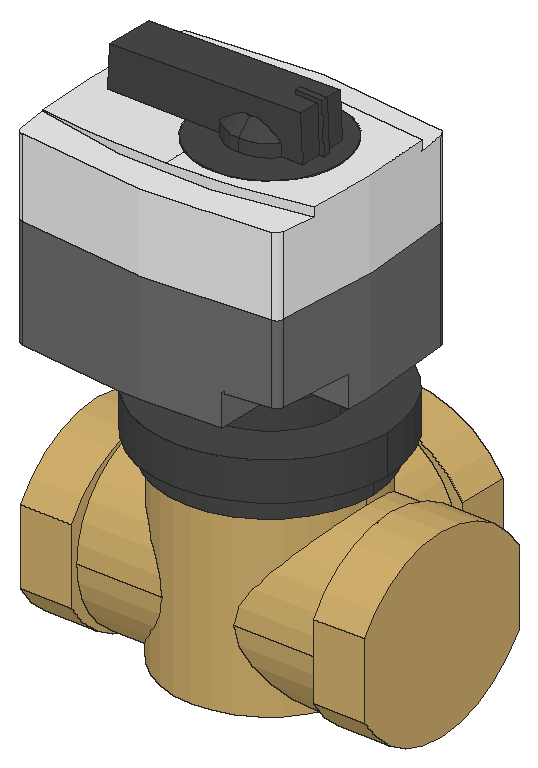
Revit family "HRB3_DN15-50_AMB 162(182)_RFA", category Pipe Accessories, Revit 2019
Family settings
  Round Connector Dimension = Use Diameter
  Part Type = Valve - Breaks Into
  OmniClass Number = 23.65.55.14.17
  OmniClass Title = Adjusting/Controlling Valves for Liquid Services
  Work Plane-Based = No
  Always vertical = Yes
  Cut with Voids When Loaded = No
  Shared = No
Parameters (values of type "HRB3_DN50_Kvs40_065Z0410")
  connector length = 18.4 mm
  horizontal body diameter = 66 mm
  h2 = 29 mm
  h1 = 37 mm
  diameter3 = 71 mm
  diameter2 = 75.9 mm
  diameter1 = 86 mm
  connector width = 70 mm
  connector radius = 41 mm
  connector height = 27.5 mm
  Weight = 2.50 kg
  W = 105.5 mm
  Voltage = if(or(Actuator Type = [082H0273], Actuator Type = [082H0228], Actuator Type = [082H0225], Actuator Type = [082H0226], Actuator Type = [082H0229], Actuator Type = [082H0227], Actuator Type = [082H0277], Actuator Type = [082H0240], Actuator Type = [082H0239], Actuator Type = [082H0232]), 230 V, 24 V)  # 24 V
  Valve Body Material = Danfoss Brass (DZR)
  URL = "https://store.danfoss.com/en/Climate-Solutions-for-heating/Motorised-Control-Valves-/Rotary-Valves/Valves-for-Central-Heating/c/4115?q=%3Arelevance%3Adanfoss_producttypehierarchydesc%3A0dcb08faaeb01fe8f0bb2b25db489dfa92a29260&page=0&pageSize=20"
  Pressure Drop [instance] = 0.0 Pa
  Power = if(or(Actuator Type = [082H0277], Actuator Type = [082H0276], Actuator Type = [082H0240], Actuator Type = [082H0239], Actuator Type = [082H0232], Actuator Type = [082H0236], Actuator Type = [082H0235], Actuator Type = [082H0231], Actuator Type = [082H0241]), 3.5 VA, 2.5 VA)  # 2.5 VA
  Operating Torque = "5 Nm"  # constant formula
  Nominal Pressure = "PN 10"  # constant formula
  Model Type = "HRB3_DN50_Kvs40"
  Model = "065Z0410"
  Min Medium Temperature = "2°C"  # constant formula
  Max Medium Temperature = "110 °C"  # constant formula
  Manufacturer = "Danfoss"  # constant formula
  LOD 350 = not(LOD 200)  # yes
  LOD 200 = no
  L = 125 mm
  Kvs = 40.0 m³/h
  IfcExportType = "HRB3"  # constant formula
  IfcExportAs = "IfcValveType"  # constant formula
  Hb = 35 mm
  Ha = 159.685 mm
  H = Ha + Hb  # 194.685 mm
  Flow [instance] = 0.0 m³/h
  Description = "Motorized Control Valve"  # constant formula
  D = 50 mm
  Connection = "Internal Thread"  # constant formula
  Actuator Type = AMB 162(182)_RFA : AMB 162_3-point_24V_30s/°_082H0211_082H0216
  A = 62.5 mm
  082H0277 = AMB 162(182)_RFA : AMB 182_2-point_230V_60s/°_082H0275_082H0277
  082H0276 = AMB 162(182)_RFA : AMB 182_2-point_24V_60s/°_082H0274_082H0276
  082H0273 = AMB 162(182)_RFA : AMB 162_2-point_230V_15s/°_082H0271_082H0273
  082H0241 = AMB 162(182)_RFA : AMB 182_Modulating_24V_60/90/120s/°_082H0241
  082H0240 = AMB 162(182)_RFA : AMB 182_3-point_230V_240s/°_082H0238_082H0240
  082H0239 = AMB 162(182)_RFA : AMB 182_3-point_230V_60s/°_082H0237_082H0239
  082H0236 = AMB 162(182)_RFA : AMB 182_3-point_24V_240s/°_082H0234_082H0236
  082H0235 = AMB 162(182)_RFA : AMB 182_3-point_24V_60s/°_082H0233_082H0235
  082H0232 = AMB 162(182)_RFA : AMB 182_3-point_230V_60s/°_10Nm_082H0232
  082H0231 = AMB 162(182)_RFA : AMB 182_3-point_24V_60s/°_10Nm_082H0231
  082H0229 = AMB 162(182)_RFA : AMB 162_3-point_230V_480s/°_082H0224_082H0229
  082H0228 = AMB 162(182)_RFA : AMB 162_3-point_230V_120s/°_082H0223_082H0228
  082H0227 = AMB 162(182)_RFA : AMB 162_3-point_230V_60s/°_082H0222_082H0227
  082H0226 = AMB 162(182)_RFA : AMB 162_3-point_230V_30s/°_082H0221_082H0226
  082H0225 = AMB 162(182)_RFA : AMB 162_3-point_230V_15s/°_082H0220_082H0225
Types (15, lengths in mm): name | connector length | horizontal body diameter | h2 | h1 | diameter3 | diameter2 | diameter1 | connector width | connector radius | connector height | Weight | W | Model Type | Model | L | Kvs | Hb | Ha | H | D | A
  (no name) | 18.4 | 66 | 29 | 37 | 71 | 75.9 | 86 | 70 | 41 | 27.5 | 2.50 kg | 105.5 | "HRB3_DN50_Kvs40" | "065Z0410" | 125 | 40.0 m³/h | 35 | 159.685 | 194.685 | 50 | 62.5
  HRB3_DN15_Kvs0.4_065Z0399 | 9 | 25.5 | 17.5 | 22.5 | 36 | 40.7 | 50 | 28 | 16 | 12.2 | 0.55 kg | 61 | "HRB3_DN15_Kvs0.4" | "065Z0399" | 72 | 0.4 m³/h | 17.5 | 145.2 | 162.7 | 15 | 36
  HRB3_DN15_Kvs0.63_065Z0400 | 9 | 25.5 | 17.5 | 22.5 | 36 | 40.7 | 50 | 28 | 16 | 12.2 | 0.55 kg | 61 | "HRB3_DN15_Kvs0.63" | "065Z0400" | 72 | 0.63 m³/h | 17.5 | 145.2 | 162.7 | 15 | 36
  HRB3_DN15_Kvs1.0_065Z0401 | 9 | 25.5 | 17.5 | 22.5 | 36 | 40.7 | 50 | 28 | 16 | 12.2 | 0.55 kg | 61 | "HRB3_DN15_Kvs1.0" | "065Z0401" | 72 | 1.0 m³/h | 17.5 | 145.2 | 162.7 | 15 | 36
  HRB3_DN15_Kvs1.63_065Z0402 | 9 | 25.5 | 17.5 | 22.5 | 36 | 40.7 | 50 | 28 | 16 | 12.2 | 0.55 kg | 61 | "HRB3_DN15_Kvs1.63" | "065Z0402" | 72 | 1.63 m³/h | 17.5 | 145.2 | 162.7 | 15 | 36
  HRB3_DN15_Kvs2.5_065Z0403 | 9 | 25.5 | 17.5 | 22.5 | 36 | 40.7 | 50 | 28 | 16 | 12.2 | 0.55 kg | 61 | "HRB3_DN15_Kvs2.5" | "065Z0403" | 72 | 2.5 m³/h | 17.5 | 145.2 | 162.7 | 15 | 36
  HRB3_DN15_Kvs4.0_065Z0398 | 9 | 25.5 | 17.5 | 22.5 | 36 | 40.7 | 50 | 28 | 16 | 12.2 | 0.55 kg | 61 | "HRB3_DN15_Kvs4.0" | "065Z0398" | 72 | 4.0 m³/h | 17.5 | 145.2 | 162.7 | 15 | 36
  HRB3_DN20_Kvs2.5_065Z0397 | 10 | 32 | 17.5 | 22.5 | 36 | 40.7 | 50 | 34 | 20 | 14.8 | 0.58 kg | 61 | "HRB3_DN20_Kvs2.5" | "065Z0397" | 72 | 2.5 m³/h | 17.5 | 145.2 | 162.7 | 20 | 36
  HRB3_DN20_Kvs4.0_065Z0404 | 10 | 32 | 17.5 | 22.5 | 36 | 40.7 | 50 | 34 | 20 | 14.8 | 0.58 kg | 61 | "HRB3_DN20_Kvs4.0" | "065Z0404" | 72 | 4.0 m³/h | 17.5 | 145.2 | 162.7 | 20 | 36
  HRB3_DN20_Kvs6.3_065Z0405 | 10 | 32 | 17.5 | 22.5 | 36 | 40.7 | 50 | 34 | 20 | 14.8 | 0.58 kg | 61 | "HRB3_DN20_Kvs6.3" | "065Z0405" | 72 | 6.3 m³/h | 17.5 | 145.2 | 162.7 | 20 | 36
  HRB3_DN25_Kvs6.3_065Z0406 | 12 | 40 | 19 | 26 | 45 | 49.7 | 60 | 42 | 24.3 | 18.2 | 0.92 kg | 71 | "HRB3_DN25_Kvs6.3" | "065Z0406" | 82 | 6.3 m³/h | 21.2 | 148.7 | 169.9 | 25 | 41
  HRB3_DN25_Kvs10_065Z0407 | 12 | 40 | 19 | 26 | 45 | 49.7 | 60 | 42 | 24.3 | 18.2 | 0.92 kg | 71 | "HRB3_DN25_Kvs10" | "065Z0407" | 82 | 10.0 m³/h | 21.173 | 148.685 | 169.858 | 25 | 41
  HRB3_DN32_Kvs16_065Z0408 | 14.4 | 48 | 24 | 31 | 51 | 55.8 | 66 | 50 | 28 | 18.2 | 1.20 kg | 80 | "HRB3_DN32_Kvs16" | "065Z0408" | 94 | 16.0 m³/h | 25 | 153.685 | 178.685 | 32 | 47
  HRB3_DN40_Kvs25_065Z0409 | 18.4 | 53 | 25 | 31 | 58 | 62.8 | 73 | 55 | 32 | 21.82 | 1.50 kg | 94.5 | "HRB3_DN40_Kvs25" | "065Z0409" | 116 | 25.0 m³/h | 27.5 | 153.685 | 181.185 | 40 | 58
  HRB3_DN50_Kvs40_065Z0410 | 18.4 | 66 | 29 | 37 | 71 | 75.9 | 86 | 70 | 41 | 27.5 | 2.50 kg | 105.5 | "HRB3_DN50_Kvs40" | "065Z0410" | 125 | 40.0 m³/h | 35 | 159.685 | 194.685 | 50 | 62.5
Reference planes
  plane 1 "Center (Front/Back)": y = 0
  plane 2: z = 0
  plane 3 "Center (Left/Right)": x = 0
  plane 4: x = -62.5
  plane 5: x = 62.5
  plane 6: z = 45
  plane 7: y = 62.5
  plane 8: z = 59
  plane 9: z = 60.5
  plane 10: z = 37
  plane 11: z = -29
  plane 12: x = -44.1
  plane 13: x = 44.1
  plane 14: z = -33
  plane 15: z = 33
  plane 16: y = -35
  plane 17: y = 35
  plane 18: y = -27.5
  plane 19: y = 27.5
  plane 20: y = 44.1
  plane 21: x = 35
  plane 22: x = -35
  plane 23: y = -43
  plane 24: z = 103.535
  plane 25: z = -17.465
  plane 26 "bottom": z = -35
  plane 27: z = 159.685
Forms (mm)
  Extrusion 1, solid, material "Danfoss Plastic Black", visible <- "LOD 350", detail levels fine
    sketch origin (0, 0, 0) x (1, 0, 0) y (0, 1, 0)
      loop
        circle (0, 0) r 5.8
    from 59 to 60.5
  Extrusion 2, solid, material "Danfoss Plastic Black", visible <- "LOD 350", detail levels fine
    sketch origin (0, 0, 0) x (1, 0, 0) y (0, 1, 0)
      loop
        circle (0, 0) r 43
    from 45 to 59
  Extrusion 3, solid, material "Danfoss Plastic Black", visible <- "LOD 350", detail levels fine
    sketch origin (0, 0, 0) x (1, 0, 0) y (0, 1, 0)
      loop
        circle (0, 0) r 37.95
    from 37 to 45
  Extrusion 4, solid, material "Danfoss Brass (DZR)" <- "Valve Body Material", detail levels fine
    sketch origin (0, 0, 0) x (1, 0, 0) y (0, 1, 0)
      loop
        circle (0, 0) r 35.5
    from -29 to 37
  Extrusion 5, solid, material "Danfoss Brass (DZR)" <- "Valve Body Material", visible <- "LOD 350", detail levels fine
    sketch origin (0, 0, 0) x (0, 1, 0) y (0, 0, 1)
      loop
        circle (0, 0) r 33
    from -44.1 to 44.1
  Extrusion 6, solid, material "Danfoss Brass (DZR)" <- "Valve Body Material", visible <- "LOD 350", detail levels fine
    sketch origin (0, 0, 0) x (0, 1, 0) y (0, 0, 1)
      loop
        arc (-35, -13.75) -> (0, -33.396) -> (35, -13.75) r 41
        line (35, -13.75) -> (35, 13.75)
        arc (35, 13.75) -> (0, 33.396) -> (-35, 13.75) r 41
        line (-35, 13.75) -> (-35, -13.75)
    from 44.1 to 62.5
  Extrusion 7, solid, material "Danfoss Brass (DZR)" <- "Valve Body Material", visible <- "LOD 350", detail levels fine
    sketch origin (19.35, 72.838, 0) x (-1, 0, 0) y (0, 0, 1)
      loop
        arc (-15.65, -13.75) -> (19.35, -33.396) -> (54.35, -13.75) r 41
        line (54.35, -13.75) -> (54.35, 13.75)
        arc (54.35, 13.75) -> (19.35, 33.396) -> (-15.65, 13.75) r 41
        line (-15.65, 13.75) -> (-15.65, -13.75)
    from -28.738 to -10.338
  Extrusion 8, solid, material "Danfoss Brass (DZR)" <- "Valve Body Material", visible <- "LOD 350", detail levels fine
    sketch origin (55.623, 150.351, 0) x (-1, 0, 0) y (0, 0, 1)
      loop
        circle (55.623, 0) r 33
    from -150.351 to -106.251
  Extrusion 9, solid, material "Danfoss Brass (DZR)" <- "Valve Body Material", visible <- "LOD 350", detail levels fine
    sketch origin (0, 0, 0) x (0, 1, 0) y (0, 0, 1)
      loop
        arc (-35, -13.75) -> (0, -33.396) -> (35, -13.75) r 41
        line (35, -13.75) -> (35, 13.75)
        arc (35, 13.75) -> (0, 33.396) -> (-35, 13.75) r 41
        line (-35, 13.75) -> (-35, -13.75)
    from -62.5 to -44.1
  Extrusion 10, solid, material "Danfoss Brass (DZR)" <- "Valve Body Material", visible <- "LOD 200", detail levels fine
    sketch origin (0, 0, 0) x (0, 1, 0) y (0, 0, 1)
      loop
        circle (0, 0) r 33
    from -62.5 to 62.5
  Extrusion 11, solid, material "Danfoss Plastic Black", visible <- "LOD 200", detail levels fine
    sketch origin (0, 0, 0) x (1, 0, 0) y (0, 1, 0)
      loop
        circle (0, 0) r 43
    from 37 to 60.5
  Extrusion 12, solid, material "Danfoss Brass (DZR)" <- "Valve Body Material", visible <- "LOD 200", detail levels fine
    sketch origin (0, 0, 0) x (1, 0, 0) y (0, 0, 1)
      loop
        circle (0, 0) r 35
    from -62.5 to 0
Dimensions and locks
  equal spacing: plane 5, plane 3 "Center (Left/Right)", plane 4
  "L": plane 5 to plane 4
  "A": plane 7 to plane 1 "Center (Front/Back)"
  locked: plane 8 to plane 6 at 14
  locked: plane 9 to plane 8 at 1.5
  locked: plane 6 to plane 10 at 8
  "h1": plane 10 to level
  "h2": level to plane 11
  equal spacing: plane 15, level, plane 14
  "horizontal body diameter": plane 15 to plane 14
  equal spacing: plane 16, plane 1 "Center (Front/Back)", plane 17
  "connector width": plane 16 to plane 17
  "connector length": plane 13 to plane 5
  "connector length": plane 12 to plane 4
  equal spacing: Extrusion 6 sketch curve, level, Extrusion 6 sketch curve  (x2)
  "connector height": Extrusion 6 sketch curve to Extrusion 6 sketch curve  (x2)
  "connector length": plane 7 to plane 20
  "connector height": Extrusion 7 sketch curve to Extrusion 7 sketch curve  (x2)
  equal spacing: plane 22, plane 3 "Center (Left/Right)", plane 21
  "connector width": plane 22 to plane 21
  equal spacing: Extrusion 7 sketch curve, level, Extrusion 7 sketch curve  (x2)
  "connector height": Extrusion 9 sketch curve to Extrusion 9 sketch curve  (x2)
  equal spacing: Extrusion 9 sketch curve, level, Extrusion 9 sketch curve  (x2)
  nested 1 to plane 5 = 62.5 mm
  "W": plane 23 to plane 7
  locked: plane 24 to plane 9 at 43.035
  "Ha": plane 27 to level
  "H": plane 27 to plane 26 "bottom"
  "diameter1": diameter of Extrusion 2 sketch curve
  "diameter2": diameter of Extrusion 3 sketch curve
  "diameter3": diameter of Extrusion 4 sketch curve
  "horizontal body diameter": diameter of Extrusion 5 sketch curve
  "connector radius": radius of Extrusion 6 sketch curve  (x2)
  "connector radius": radius of Extrusion 7 sketch curve  (x2)
  "horizontal body diameter": diameter of Extrusion 8 sketch curve
  "connector radius": radius of Extrusion 9 sketch curve  (x2)
  "horizontal body diameter": diameter of Extrusion 10 sketch curve
  "diameter1": diameter of Extrusion 11 sketch curve
  "connector width": diameter of Extrusion 12 sketch curve
  aligned and locked: level to plane 2
  aligned and locked: plane 9 to Extrusion 1
  aligned and locked: Extrusion 1 to plane 8
  aligned and locked: plane 6 to Extrusion 2
  aligned and locked: plane 8 to Extrusion 2
  aligned and locked: Extrusion 3 to plane 10
  aligned and locked: Extrusion 3 to plane 6
  aligned and locked: Extrusion 4 to plane 11
  aligned and locked: plane 10 to Extrusion 4
  aligned and locked: plane 12 to Extrusion 5
  aligned and locked: Extrusion 5 to plane 13
  aligned and locked: plane 13 to Extrusion 6
  aligned and locked: plane 5 to Extrusion 6
  aligned and locked: plane 16 to Extrusion 6 sketch curve
  aligned and locked: Extrusion 7 to plane 20
  aligned and locked: plane 7 to Extrusion 7
  aligned and locked: plane 21 to Extrusion 7 sketch curve
  aligned and locked: plane 22 to Extrusion 7 sketch curve
  aligned and locked: plane 1 "Center (Front/Back)" to Extrusion 8
  aligned and locked: plane 20 to Extrusion 8
  aligned and locked: Extrusion 9 to plane 4
  aligned and locked: Extrusion 9 to plane 12
  aligned and locked: Extrusion 10 to plane 4
  aligned and locked: plane 5 to Extrusion 10
  aligned and locked: plane 9 to Extrusion 11
  aligned and locked: Extrusion 11 to plane 10
  aligned and locked: plane 1 "Center (Front/Back)" to Extrusion 12
  aligned and locked: plane 7 to Extrusion 12
  aligned and locked: plane 1 "Center (Front/Back)" to nested 2
  aligned and locked: plane 3 "Center (Left/Right)" to nested 2
  aligned and locked: plane 8 to nested 2
Automatic sketch dimensions
  plane 1 "Center (Front/Back)" to Extrusion 1 sketch curve = 0 mm
  Extrusion 1 sketch curve to plane 3 "Center (Left/Right)" = 0 mm
  plane 1 "Center (Front/Back)" to Extrusion 2 sketch curve = 0 mm
  Extrusion 2 sketch curve to plane 3 "Center (Left/Right)" = 0 mm
  plane 1 "Center (Front/Back)" to Extrusion 3 sketch curve = 0 mm
  Extrusion 3 sketch curve to plane 3 "Center (Left/Right)" = 0 mm
  plane 1 "Center (Front/Back)" to Extrusion 4 sketch curve = 0 mm
  Extrusion 4 sketch curve to plane 3 "Center (Left/Right)" = 0 mm
  Extrusion 5 sketch curve to level = 0 mm
  Extrusion 5 sketch curve to plane 1 "Center (Front/Back)" = 0 mm
  Extrusion 6 sketch curve to plane 1 "Center (Front/Back)" = 0 mm
  Extrusion 8 sketch curve to level = 0 mm
  Extrusion 8 sketch curve to plane 3 "Center (Left/Right)" = 0 mm
  Extrusion 9 sketch curve to plane 16 = 0 mm
  Extrusion 9 sketch curve to plane 1 "Center (Front/Back)" = 0 mm
  Extrusion 10 sketch curve to level = 0 mm
  Extrusion 10 sketch curve to plane 1 "Center (Front/Back)" = 0 mm
  plane 1 "Center (Front/Back)" to Extrusion 11 sketch curve = 0 mm
  Extrusion 11 sketch curve to plane 3 "Center (Left/Right)" = 0 mm
  Extrusion 12 sketch curve to level = 0 mm
  Extrusion 12 sketch curve to plane 3 "Center (Left/Right)" = 0 mm
  radius of Extrusion 1 sketch curve = 5.8 mm
Nested families
  nested 1: "HRB3 Symbol_Actuator" at (0, 0, 0), horiontal body diameter <- "horizontal body diameter", A <- "A", length <- "L", type "HRB3 Symbol_Actuator", detail levels coarse+medium
    with length 125 mm, horiontal body diameter 66 mm, D/2 33 mm, A 62.5 mm
  nested 2: "AMB 162(182)_RFA" at (-0.004, -0.011, 59) x (1, 0.0004, 0) z (0, 0, 1), LOD 200 <- "LOD 200", Voltage <- "Voltage", Power <- "Power", type <- "Actuator Type", type "AMB 162_3-point_24V_30s/°_082H0211_082H0216", detail levels fine
    with Voltage 24 V, Power 2.5 VA, LOD 350 yes, LOD 200 no
Connectors
  piping at (62.5, 0, 0), diameter 50, driven by "D", driven by "Flow"
    settings: on Extrusion 6, index 1, connector inside diameter 609.6 mm, connector length 0 mm, flow factor 0, pipe flow 0.0 m³/h, pressure drop 0.0 Pa, fitting loss kfactor 0, connector angle 0.00°, fixture units 0, engagement length 0 mm, angle of deflection 0.00°, flow configuration 0, flow direction 0, fitting loss method 0, system type 29, joint type 0, gender type 0, connector reference index 2, connector utility 0, adjustable connector no, is connector primary yes, connector description ""
  piping at (-62.5, 0, 0), diameter 50, driven by "D", driven by "Flow"
    settings: on Extrusion 9, index 2, connector inside diameter 609.6 mm, connector length 0 mm, flow factor 0, pipe flow 0.0 m³/h, pressure drop 0.0 Pa, fitting loss kfactor 0, connector angle 0.00°, fixture units 0, engagement length 0 mm, angle of deflection 0.00°, flow configuration 0, flow direction 0, fitting loss method 0, system type 29, joint type 0, gender type 0, connector reference index 1, connector utility 0, adjustable connector no, is connector primary no, connector description ""
  piping at (0, 62.5, 0), diameter 50, driven by "D", driven by "Flow"
    settings: on Extrusion 12, index 3, connector inside diameter 609.6 mm, connector length 0 mm, flow factor 0, pipe flow 0.0 m³/h, pressure drop 0.0 Pa, fitting loss kfactor 0, connector angle 0.00°, fixture units 0, engagement length 0 mm, angle of deflection 0.00°, flow configuration 0, flow direction 0, fitting loss method 0, system type 29, joint type 0, gender type 0, connector reference index -1, connector utility 0, adjustable connector no, is connector primary no, connector description ""
  electrical at (0, 0, 0), driven by "Voltage", driven by "Power"
    settings: index 9, voltage 24 V, apparent load 0 VA, apparent load phase1 2.5 VA, apparent load phase2 0 VA, apparent load phase3 0 VA, power factor 0.95, load classification "HVAC", number of poles 1, system type 31, power factor state 1, is connector primary yes, connector utility no, sub classification motor no, connector description ""
Definition of nested family "AMB 162(182)_RFA"
  Parameters (values of type "AMB 182_Modulating_24V_60/90/120s/°_082H0241")
    With Auxiliary Switch = "NA"
    Weight = 0.80 kg
    W = 84 mm
    Voltage [instance] = 24 V
    URL = "https://store.danfoss.com/en/Climate-Solutions-for-heating/Motorised-Control-Valves/Actuators-without-safety-function-for-rotary-valves/c/4113?q=%3Arelevance&text="
    Type Comments = ""
    Speed = "60/90/120 s/°"
    Power Supply = "24 VAC/DC"
    Power Consumption = "3.5 VA"
    Power [instance] = 3.5 VA
    Operating Torque = "15 Nm"
    Model Type = "AMB 182_Modulating_24V_60/90/120s/°"
    Model = "082H0241"
    Min Ambient Temperature = "0 °C"  # constant formula
    Max Medium Temperature = "110 °C"  # constant formula
    Max Ambient Temperature = "50 °C"  # constant formula
    Manufacturer = "Danfoss"  # constant formula
    LOD 350 [instance] = not(LOD 200)  # yes
    LOD 200 [instance] = no
    L = 101 mm
    IfcExportType = "AMB Actuator"  # constant formula
    IfcExportAs = "IfcActuatorType"  # constant formula
    H = 100.685 mm
    For Rotary Valve DN = "DN15-150"
    Description = "Gear Actuator"  # constant formula
    Control Input Signal = "Modulating"
    Body Material = none
  Types (22, lengths in mm): name | With Auxiliary Switch | Weight | Voltage | Speed | Power Supply | Power Consumption | Power | Operating Torque | Model Type | Model | For Rotary Valve DN | Control Input Signal
    AMB 162_2-point_24V_15s/°_082H0270_082H0272 | "082H0272" | 0.70 kg | 24 V | "15 s/°" | "24 VAC" | "2.5 VA" | 2.5 VA | "5 Nm" | "AMB 162_2-point_24V_15s/°" | "082H0270, 082H0272" | "DN15-50" | "2-point"
    AMB 162_3-point_230V_15s/°_082H0220_082H0225 | "082H0225" | 0.70 kg | 230 V | "15 s/°" | "230 VAC" | "2.5 VA" | 2.5 VA | "5 Nm" | "AMB 162_3-point_230V_15s/°" | "082H0220, 082H0225" | "DN15-50" | "3-point"
    AMB 162_2-point_230V_15s/°_082H0271_082H0273 | "082H0273" | 0.70 kg | 230 V | "15 s/°" | "230 VAC" | "2.5 VA" | 2.5 VA | "5 Nm" | "AMB 162_2-point_230V_15s/°" | "082H0271, 082H0273" | "DN15-50" | "2-point"
    AMB 162_3-point_24V_15s/°_082H0210_082H0215 | "082H0215" | 0.70 kg | 24 V | "15 s/°" | "24 VAC" | "2.5 VA" | 2.5 VA | "5 Nm" | "AMB 162_3-point_24V_15s/°_" | "082H0210, 082H0215" | "DN15-50" | "3-point"
    AMB 162_3-point_24V_30s/°_082H0211_082H0216 | "082H0216" | 0.70 kg | 24 V | "30 s/°" | "24 VAC" | "2.5 VA" | 2.5 VA | "5 Nm" | "AMB 162_3-point_24V_30s/°" | "082H0211, 082H0216" | "DN15-50" | "3-point"
    AMB 162_3-point_24V_60s/°_082H0212_082H0217 | "082H0217" | 0.70 kg | 24 V | "60 s/°" | "24 VAC" | "2.5 VA" | 2.5 VA | "5 Nm" | "AMB 162_3-point_24V_60s/°" | "082H0212, 082H0217" | "DN15-50" | "3-point"
    AMB 162_3-point_24V_120s/°_082H0213_082H0218 | "082H0218" | 0.70 kg | 24 V | "120 s/°" | "24 VAC" | "2.5 VA" | 2.5 VA | "5 Nm" | "AMB 162_3-point_24V_120s/°" | "082H0213, 082H0218" | "DN15-50" | "3-point"
    AMB 162_3-point_24V_480s/°_082H0214_082H0219 | "082H0219" | 0.70 kg | 24 V | "120 s/°" | "24 VAC" | "2.5 VA" | 2.5 VA | "5 Nm" | "AMB 162_3-point_24V_480s/°" | "082H0214, 082H0219" | "DN15-50" | "3-point"
    AMB 162_3-point_230V_30s/°_082H0221_082H0226 | "082H0226" | 0.70 kg | 230 V | "30 s/°" | "230 VAC" | "2.5 VA" | 2.5 VA | "5 Nm" | "AMB 162_3-point_230V_30s/°" | "082H0221, 082H0226" | "DN15-50" | "3-point"
    AMB 162_3-point_230V_60s/°_082H0222_082H0227 | "082H0227" | 0.70 kg | 230 V | "60 s/°" | "230 VAC" | "2.5 VA" | 2.5 VA | "5 Nm" | "AMB 162_3-point_230V_60s/°" | "082H0222, 082H0227" | "DN15-50" | "3-point"
    AMB 162_3-point_230V_120s/°_082H0223_082H0228 | "082H0228" | 0.70 kg | 230 V | "120 s/°" | "230 VAC" | "2.5 VA" | 2.5 VA | "5 Nm" | "AMB 162_3-point_230V_120s/°" | "082H0223, 082H0228" | "DN15-50" | "3-point"
    AMB 162_3-point_230V_480s/°_082H0224_082H0229 | "082H0229" | 0.70 kg | 230 V | "480 s/°" | "230 VAC" | "2.5 VA" | 2.5 VA | "5 Nm" | "AMB 162_3-point_230V_480s/°" | "082H0224, 082H0229" | "DN15-50" | "3-point"
    AMB 162_Modulating_24V_60/90/120s/°_082H0230 | "NA" | 0.70 kg | 24 V | "60/90/120 s/°" | "24 VAC/DC" | "2.5 VA" | 2.5 VA | "5 Nm" | "AMB 162_Modulating_24V_60/90/120s/°" | "082H0230" | "DN15-50" | "Modulating"
    AMB 182_2-point_230V_60s/°_082H0275_082H0277 | "082H0277" | 0.80 kg | 230 V | "60 s/°" | "230 VAC" | "2.5 VA" | 3.5 VA | "15 Nm" | "AMB 182_2-point_230V_60s/°" | "082H0275, 082H0277" | "DN15-150" | "2-point"
    AMB 182_2-point_24V_60s/°_082H0274_082H0276 | "082H0276" | 0.80 kg | 24 V | "60 s/°" | "24 VAC" | "2.5 VA" | 3.5 VA | "15 Nm" | "AMB 182_2-point_24V_60s/°" | "082H0274, 082H0276" | "DN15-150" | "2-point"
    AMB 182_3-point_230V_60s/°_082H0237_082H0239 | "082H0239" | 0.80 kg | 230 V | "60 s/°" | "230 VAC" | "3.5 VA" | 3.5 VA | "15 Nm" | "AMB 182_3-point_230V_60s/°" | "082H0237, 082H0239" | "DN15-150" | "3-point"
    AMB 182_3-point_24V_60s/°_082H0233_082H0235 | "082H0235" | 0.80 kg | 24 V | "60 s/°" | "24 VAC" | "3.5 VA" | 3.5 VA | "15 Nm" | "AMB 182_3-point_24V_60s/°" | "082H0233, 082H0235" | "DN15-150" | "3-point"
    AMB 182_3-point_24V_60s/°_10Nm_082H0231 | "NA" | 0.80 kg | 24 V | "60 s/°" | "24 VAC" | "3.5 VA" | 3.5 VA | "10 Nm" | "AMB 182_3-point_24V_60s/°_10Nm" | "082H0231" | "DN15-100" | "3-point"
    AMB 182_3-point_230V_60s/°_10Nm_082H0232 | "NA" | 0.80 kg | 230 V | "60 s/°" | "230 VAC" | "3.5 VA" | 3.5 VA | "10 Nm" | "AMB 182_3-point_230V_60s/°_10Nm" | "082H0232" | "DN15-100" | "3-point"
    AMB 182_3-point_24V_240s/°_082H0234_082H0236 | "082H0236" | 0.80 kg | 24 V | "240 s/°" | "24 VAC" | "3.5 VA" | 3.5 VA | "15 Nm" | "AMB 182_3-point_24V_240s/°" | "082H0234, 082H0236" | "DN15-150" | "3-point"
    AMB 182_3-point_230V_240s/°_082H0238_082H0240 | "082H0240" | 0.80 kg | 230 V | "240 s/°" | "230 VAC" | "3.5 VA" | 3.5 VA | "15 Nm" | "AMB 182_3-point_230V_240s/°" | "082H0238, 082H0240" | "DN15-150" | "3-point"
    AMB 182_Modulating_24V_60/90/120s/°_082H0241 | "NA" | 0.80 kg | 24 V | "60/90/120 s/°" | "24 VAC/DC" | "3.5 VA" | 3.5 VA | "15 Nm" | "AMB 182_Modulating_24V_60/90/120s/°" | "082H0241" | "DN15-150" | "Modulating"
  Reference planes
    plane 1 "Center (Front/Back)": y = 0
    plane 2: z = 0
    plane 3 "Center (Left/Right)": x = 0
    plane 4: z = 9.5
    plane 5: y = -41.931
    plane 6: y = 42.069
    plane 7: x = 36.5
    plane 8: x = -64.5
    plane 9: y = 36.069
    plane 10: x = 30.5
    plane 11: x = -61.5
    plane 12: x = 33.5
    plane 13: y = 39.069
    plane 14: y = -38.931
    plane 15: x = -58.5
    plane 16: y = -35.931
    plane 17: x = -14
    plane 18: z = 49.5
    plane 19: y = 36.069
    plane 20: x = 160.5
    plane 21: x = 68.5
    plane 22: x = 163.5
    plane 23: y = 39.069
    plane 24: y = -38.931
    plane 25: x = 71.5
    plane 26: y = -35.931
    plane 27: x = 116
    plane 28: z = 81.472
    plane 29: y = -9.5
    plane 30: z = 100.685
    plane 31: x = 0
  Forms (mm)
    Revolve 1, solid, detail levels fine
      sketch origin (0, 0, 0) x (1, 0, 0) y (0, 0, 1)
        loop
          line (0, 9.5) -> (0, 0) -> (26, 0) -> (26, 9.5) -> (0, 9.5)
        axis (0, 9.5) -> (0, 0)
      angle from 0 to 360
    Extrusion 2, solid, visible <- "LOD 350", detail levels fine
      sketch origin (0, 0, 0) x (1, 0, 0) y (0, 0, 1)
        loop
          line (-51.913, 82.5) -> (18.847, 82.5) -> (18.304, 99.204)
          arc (18.304, 99.204) -> (-16.441, 99.254) -> (-51.134, 97.349) r 617.491
          line (-51.134, 97.349) -> (-51.913, 82.5)
      from -9.091 to 8.652
    Extrusion 3, solid, visible <- "LOD 350", detail levels fine
      sketch origin (0, 0, 0) x (1, 0, 0) y (0, 0, 1)
        loop
          line (18.847, 82.5) -> (20.557, 82.5) -> (19.789, 100.4) -> (10.425, 100.685) -> (10.425, 99.387)
          arc (10.425, 99.387) -> (14.365, 99.308) -> (18.304, 99.204) r 617.491
          line (18.304, 99.204) -> (18.847, 82.5)
      from -1.24 to 1.241
    Extrusion 4, solid, material <- "Body Material", visible <- "LOD 350", detail levels fine
      sketch origin (0, 0, 0) x (1, 0, 0) y (0, 1, 0)
        loop
          arc (-59.389, 38.075) -> (-61.013, 37.216) -> (-61.831, 35.571) r 3
          arc (-61.831, 35.571) -> (-64.511, 0) -> (-61.831, -35.571) r 237.436
          arc (-61.831, -35.571) -> (-61.013, -37.216) -> (-59.389, -38.075) r 3
          arc (-59.389, -38.075) -> (-14.052, -42.151) -> (31.314, -38.419) r 265.38
          arc (31.314, -38.419) -> (32.951, -37.564) -> (33.778, -35.913) r 3
          arc (33.778, -35.913) -> (36.5, -0.174) -> (33.83, 35.57) r 238.281
          arc (33.83, 35.57) -> (33.012, 37.216) -> (31.388, 38.076) r 3
          arc (31.388, 38.076) -> (-14.001, 42.069) -> (-59.389, 38.075) r 259.947
      from 9.5 to 49.5
    Extrusion 5, solid, visible <- "LOD 350", detail levels fine
      sketch origin (130, 0, 0) x (1, 0, 0) y (0, 1, 0)
        loop
          arc (-189.389, 38.075) -> (-191.013, 37.216) -> (-191.831, 35.571) r 3
          arc (-191.831, 35.571) -> (-194.511, 0) -> (-191.831, -35.571) r 237.436
          arc (-191.831, -35.571) -> (-191.013, -37.216) -> (-189.389, -38.075) r 3
          arc (-189.389, -38.075) -> (-144.052, -42.151) -> (-98.686, -38.419) r 265.38
          arc (-98.686, -38.419) -> (-97.049, -37.564) -> (-96.222, -35.913) r 3
          arc (-96.222, -35.913) -> (-93.5, -0.174) -> (-96.17, 35.57) r 238.281
          arc (-96.17, 35.57) -> (-96.988, 37.216) -> (-98.612, 38.076) r 3
          arc (-98.612, 38.076) -> (-144.001, 42.069) -> (-189.389, 38.075) r 259.947
      from 49.5 to 81.472
    Extrusion 6, void
      sketch origin (0, 0, 0) x (1, 0, 0) y (0, 1, 0)
        loop
          arc (-61.831, 35.571) -> (-62.54, 30.529) -> (-63.14, 25.473) r 237.436
          arc (-63.14, 25.473) -> (-14.003, 29.568) -> (35.135, 25.473) r 296.829
          arc (35.135, 25.473) -> (34.536, 30.528) -> (33.83, 35.57) r 238.281
          arc (33.83, 35.57) -> (33.012, 37.216) -> (31.388, 38.076) r 3
          arc (31.388, 38.076) -> (-14.001, 42.069) -> (-59.389, 38.075) r 259.947
          arc (-59.389, 38.075) -> (-61.013, 37.216) -> (-61.831, 35.571) r 3
      from 78 to 100.685
    Extrusion 7, void
      sketch origin (0, 0, 0) x (1, 0, 0) y (0, 0, 1)
        loop
          line (-64.511, 49.5) -> (-64.511, 78.145)
          arc (-64.511, 78.145) -> (-39.06, 80.639) -> (-13.5, 81.472) r 392.786
          line (-13.5, 81.472) -> (36.5, 81.472) -> (36.5, 49.5) -> (41.5, 49.5) -> (41.5, 107.508) -> (-69.523, 107.508) -> (-69.523, 49.5) -> (-64.511, 49.5)
      from -62.358 to 46.308
    Extrusion 8, void
      sketch origin (0, 0, 0) x (1, 0, 0) y (0, 1, 0)
        loop
          line (-64.592, -23.625) -> (-62.779, -37.97)
          arc (-62.779, -37.97) -> (-14.187, -43.401) -> (34.407, -37.976) r 220.211
          line (34.407, -37.976) -> (36.595, -23.622)
          arc (36.595, -23.622) -> (-13.998, -30.547) -> (-64.592, -23.625) r 188.309
      from 78 to 100.685
    Revolve 9, solid, visible <- "LOD 350", detail levels fine
      sketch origin (0, 0, 0) x (0, 1, 0) y (0, 0, 1)
        loop
          line (0, 92.255) -> (0, 81.472) -> (10.185, 81.472) -> (10.185, 82.472) -> (14.169, 82.472) -> (14.169, 87.094) -> (9.007, 92.255) -> (0, 92.255)
        axis (0, 92.255) -> (0, 81.472)
      angle from 0 to 360
    Extrusion 10, solid, visible <- "LOD 350", detail levels fine
      sketch origin (0, 0, 0) x (1, 0, 0) y (0, 1, 0)
        loop
          circle (0, 0) r 25.661
      from 49.5 to 81.472
    Extrusion 11, void
      sketch origin (0, 0, 0) x (1, 0, 0) y (0, 0, 1)
        loop
          line (15.14, 9.5) -> (36.5, 9.5) -> (36.5, 20.859) -> (15.14, 20.859) -> (15.14, 9.5)
      from 9.5 to 49.81
    Extrusion 12, void
      sketch origin (0, 0, 0) x (1, 0, 0) y (0, 1, 0)
        loop
          circle (0, 0) r 26
      from 78 to 82.5
    Extrusion 13, solid, material <- "Body Material", visible <- "LOD 200", detail levels fine
      sketch origin (0, 0, 0) x (1, 0, 0) y (0, 1, 0)
        loop
          line (-64.5, 42.069) -> (-64.5, -41.931) -> (36.5, -41.931) -> (36.5, 42.069) -> (-64.5, 42.069)
      from 9.5 to 49.5
    Extrusion 14, solid, visible <- "LOD 200", detail levels fine
      sketch origin (0, 0, 0) x (1, 0, 0) y (0, 1, 0)
        loop
          line (-64.5, 42.069) -> (-64.5, -41.931) -> (36.5, -41.931) -> (36.5, 42.069) -> (-64.5, 42.069)
      from 49.5 to 81.472
    Extrusion 15, solid, visible <- "LOD 200", detail levels fine
      sketch origin (0, 0, 0) x (1, 0, 0) y (0, 1, 0)
        loop
          circle (0, 0) r 25.661
      from 81.472 to 82.5
    Extrusion 16, solid, visible <- "LOD 200", detail levels fine
      sketch origin (0, 0, 0) x (1, 0, 0) y (0, 0, 1)
        loop
          line (-51.913, 82.5) -> (20.557, 82.5) -> (20.557, 100.685) -> (-51.913, 100.685) -> (-51.913, 82.5)
      from -9.09 to 8.65
    Extrusion 17, solid
      sketch origin (0, 0, 0) x (1, 0, 0) y (0, 1, 0)
        loop
          line (-2.5, 13.5) -> (-2.5, 2.5) -> (-13.5, 2.5) -> (-13.5, -2.5) -> (-2.5, -2.5) -> (-2.5, -13.5) -> (2.5, -13.5) -> (2.5, -2.5) -> (13.5, -2.5) -> (13.5, 2.5) -> (2.5, 2.5) -> (2.5, 13.5) -> (-2.5, 13.5)
      from 0 to -2.5
  Cuts and joins
    Extrusion 6, Extrusion 7, Extrusion 8, Extrusion 12 cuts Extrusion 5
    Extrusion 11, Extrusion 12 cuts Extrusion 4
    Extrusion 12 cuts Revolve 1
  Dimensions and locks
    Revolve 1 sketch curve to plane 3 "Center (Left/Right)" = 26 mm
    "W": plane 6 to plane 5
    "L": plane 7 to plane 8
    locked: plane 29 to plane 1 "Center (Front/Back)" at 9.5
    "H": plane 30 to level
    plane 6 to plane 5 = 84 mm
    plane 4 to plane 2 = 9.5 mm
    locked: plane 18 to plane 4 at 40
    locked: plane 28 to plane 18 at 31.972
    locked: plane 30 to plane 28 at 19.213
    locked: Extrusion 15 to plane 28 at 1.028
    locked: cut or joined group of Extrusion 4, Extrusion 11, Extrusion 12 to plane 4 at 11.359
    plane 28 to cut or joined group of Extrusion 5, Extrusion 6, Extrusion 7, Extrusion 8, Extrusion 12 = 3.472 mm
    equal spacing: Extrusion 17 sketch curve, plane 3 "Center (Left/Right)", Extrusion 17 sketch curve  (x2)
    Extrusion 17 sketch curve to Extrusion 17 sketch curve = 5 mm  (x2)
    equal spacing: Extrusion 17 sketch curve, plane 1 "Center (Front/Back)", Extrusion 17 sketch curve  (x2)
    Extrusion 17 sketch curve to Extrusion 17 sketch curve = 27 mm  (x2)
    radius of Extrusion 5 sketch curve = 238.281 mm
    radius of Extrusion 5 sketch curve = 237.436 mm
    radius of Extrusion 5 sketch curve = 265.38 mm
    radius of Extrusion 5 sketch curve = 259.947 mm
    radius of Extrusion 4 sketch curve = 265.38 mm
    radius of Extrusion 4 sketch curve = 259.947 mm
    radius of Extrusion 4 sketch curve = 237.436 mm
    radius of Extrusion 4 sketch curve = 238.281 mm
    radius of Extrusion 10 sketch curve = 25.661 mm
    radius of Extrusion 12 sketch curve = 26 mm
    radius of Extrusion 15 sketch curve = 25.661 mm
    aligned and locked: level to plane 2
    aligned and locked: Revolve 1 sketch curve to plane 3 "Center (Left/Right)"  (x2)
    aligned and locked: Revolve 1 sketch curve to level
    aligned and locked: Revolve 1 sketch curve to plane 4
    aligned and locked: Extrusion 3 sketch curve to Extrusion 2  (x2)
    aligned and locked: Extrusion 4 to plane 4
    aligned and locked: plane 18 to Extrusion 4
    aligned and locked: Extrusion 5 to plane 18
    aligned and locked: Extrusion 6 sketch curve to Extrusion 4  (x5)
    aligned and locked: plane 1 "Center (Front/Back)" to Revolve 9 sketch curve
    aligned and locked: plane 28 to Revolve 9 sketch curve
    aligned and locked: plane 28 to Extrusion 10
    aligned and locked: Extrusion 10 to Extrusion 4
    aligned and locked: plane 7 to Extrusion 11 sketch curve
    aligned and locked: plane 29 to cut or joined group of Extrusion 4, Extrusion 11, Extrusion 12
    aligned and locked: Extrusion 13 sketch curve to plane 6
    aligned and locked: plane 8 to Extrusion 13 sketch curve
    aligned and locked: plane 5 to Extrusion 13 sketch curve
    aligned and locked: Extrusion 13 sketch curve to plane 7
    aligned and locked: plane 18 to Extrusion 13
    aligned and locked: Extrusion 14 sketch curve to Extrusion 13  (x4)
    aligned and locked: Extrusion 14 to plane 18
    aligned and locked: plane 28 to Extrusion 14
    aligned and locked: Extrusion 15 to plane 28
    aligned and locked: Extrusion 13 to plane 4
    aligned and locked: Extrusion 15 to Extrusion 2
    aligned and locked: plane 30 to Extrusion 8
    aligned and locked: Extrusion 11 to plane 4
    aligned and locked: Extrusion 8 to Extrusion 6  (x2)
    aligned and locked: Extrusion 12 to Extrusion 2
    aligned and locked: Extrusion 6 to Extrusion 12
    aligned and locked: plane 28 to Extrusion 5
    aligned and locked: plane 30 to Extrusion 16
    aligned and locked: Extrusion 17 sketch curve to Extrusion 17 sketch curve  (x4)
    aligned and locked: plane 31 to plane 3 "Center (Left/Right)"
  Automatic sketch dimensions
    Revolve 1 sketch curve to level = 366.045 mm
    plane 28 to Extrusion 3 sketch curve = 1.028 mm
    Extrusion 3 sketch curve to Extrusion 3 sketch curve = 1.485 mm
    Extrusion 3 sketch curve to Extrusion 3 sketch curve = 1.711 mm
    plane 1 "Center (Front/Back)" to Extrusion 5 sketch curve = 0 mm  (x2)
    Extrusion 5 sketch curve to plane 8 = 137.281 mm
    Extrusion 5 sketch curve to plane 19 = 0.947 mm  (x2)
    plane 8 to Extrusion 5 sketch curve = 5.635 mm  (x2)
    plane 26 to Extrusion 5 sketch curve = 0.81 mm
    Extrusion 5 sketch curve to plane 3 "Center (Left/Right)" = 14 mm
    Extrusion 5 sketch curve to plane 3 "Center (Left/Right)" = 13.048 mm
    plane 26 to Extrusion 5 sketch curve = 0.471 mm
    Extrusion 5 sketch curve to plane 7 = 5.688 mm
    Extrusion 5 sketch curve to plane 7 = 5.636 mm
    plane 22 to Extrusion 5 sketch curve = 9.425 mm
    Extrusion 5 sketch curve to plane 5 = 175.947 mm
    plane 6 to Extrusion 5 sketch curve = 181.159 mm
    Extrusion 5 sketch curve to Extrusion 5 sketch curve = 0 mm  (x4)
    Extrusion 6 sketch curve to plane 3 "Center (Left/Right)" = 14.003 mm
    Extrusion 6 sketch curve to Extrusion 6 sketch curve = 49.382 mm
    plane 8 to Extrusion 6 sketch curve = 1.36 mm
    plane 5 to Extrusion 8 sketch curve = 3.962 mm
    plane 5 to Extrusion 8 sketch curve = 3.956 mm
    Extrusion 8 sketch curve to plane 8 = 0.092 mm
    Extrusion 8 sketch curve to plane 3 "Center (Left/Right)" = 14.003 mm
    plane 7 to Extrusion 8 sketch curve = 0.095 mm
    plane 6 to Extrusion 8 sketch curve = 115.693 mm
    Extrusion 8 sketch curve to Extrusion 8 sketch curve = 19.048 mm
    plane 8 to Extrusion 8 sketch curve = 1.721 mm
    Extrusion 8 sketch curve to plane 7 = 2.093 mm
    Extrusion 8 sketch curve to Extrusion 8 sketch curve = 14.354 mm
    Extrusion 7 sketch curve to plane 18 = 0 mm  (x2)
    Extrusion 7 sketch curve to plane 28 = 0 mm
    Extrusion 7 sketch curve to plane 7 = 0 mm
    Extrusion 7 sketch curve to plane 3 "Center (Left/Right)" = 13.5 mm
    Extrusion 7 sketch curve to plane 8 = 5.023 mm
    plane 7 to Extrusion 7 sketch curve = 5 mm
    Extrusion 7 sketch curve to level = 311.315 mm
    plane 28 to Extrusion 7 sketch curve = 26.036 mm
    Extrusion 7 sketch curve to plane 8 = 0.011 mm
    plane 3 "Center (Left/Right)" to Extrusion 2 sketch curve = 0.049 mm
    Extrusion 2 sketch curve to plane 7 = 18.196 mm
    plane 28 to Extrusion 2 sketch curve = 1.028 mm
    Extrusion 2 sketch curve to Extrusion 2 sketch curve = 0.543 mm
    Extrusion 2 sketch curve to level = 518.017 mm
    plane 8 to Extrusion 2 sketch curve = 12.587 mm
    Revolve 9 sketch curve to plane 1 "Center (Front/Back)" = 9.007 mm
    Revolve 9 sketch curve to Revolve 9 sketch curve = 5.161 mm  (x2)
    Revolve 9 sketch curve to Revolve 9 sketch curve = 4.622 mm
    Revolve 9 sketch curve to Revolve 9 sketch curve = 3.984 mm
    plane 28 to Revolve 9 sketch curve = 1 mm
    plane 1 "Center (Front/Back)" to Extrusion 10 sketch curve = 0 mm
    Extrusion 10 sketch curve to plane 3 "Center (Left/Right)" = 0 mm
    plane 4 to Extrusion 11 sketch curve = 11.359 mm
    Extrusion 11 sketch curve to plane 4 = 0 mm
    plane 1 "Center (Front/Back)" to Extrusion 4 sketch curve = 0 mm  (x2)
    Extrusion 4 sketch curve to plane 17 = 0 mm
    Extrusion 4 sketch curve to plane 15 = 0.365 mm  (x2)
    Extrusion 4 sketch curve to plane 8 = 137.281 mm
    plane 17 to Extrusion 4 sketch curve = 0.952 mm
    plane 10 to Extrusion 4 sketch curve = 0.312 mm
    plane 10 to Extrusion 4 sketch curve = 0.364 mm
    plane 7 to Extrusion 4 sketch curve = 136.425 mm
    plane 16 to Extrusion 4 sketch curve = 0.81 mm
    plane 16 to Extrusion 4 sketch curve = 0.471 mm
    Extrusion 4 sketch curve to plane 5 = 175.947 mm
    Extrusion 4 sketch curve to plane 9 = 0.947 mm  (x2)
    plane 6 to Extrusion 4 sketch curve = 181.159 mm
    Extrusion 4 sketch curve to Extrusion 4 sketch curve = 0 mm  (x4)
    plane 1 "Center (Front/Back)" to Extrusion 12 sketch curve = 0 mm
    Extrusion 12 sketch curve to plane 3 "Center (Left/Right)" = 0 mm
    plane 3 "Center (Left/Right)" to Extrusion 11 sketch curve = 15.14 mm
    plane 1 "Center (Front/Back)" to Extrusion 15 sketch curve = 0 mm
    Extrusion 15 sketch curve to plane 3 "Center (Left/Right)" = 0 mm
    plane 8 to Extrusion 16 sketch curve = 12.587 mm
    plane 28 to Extrusion 16 sketch curve = 1.028 mm
    Extrusion 16 sketch curve to plane 7 = 15.943 mm
    plane 28 to Revolve 1 sketch curve = 2139.343 mm
    plane 8 to Extrusion 2 sketch curve = 13.366 mm
    Extrusion 2 sketch curve to Extrusion 2 sketch curve = 14.849 mm
    Extrusion 16 sketch curve to Extrusion 16 sketch curve = 18.185 mm
    Extrusion 3 sketch curve to plane 30 = 0 mm
    Extrusion 3 sketch curve to plane 30 = 0.285 mm
    Extrusion 3 sketch curve to plane 30 = 1.298 mm
    Extrusion 17 sketch curve to plane 3 "Center (Left/Right)" = 13.5 mm
Definition of nested family "HRB3 Symbol_Actuator"
  Parameters (values of type "HRB3 Symbol_Actuator")
    length [instance] = 180 mm
    horiontal body diameter [instance] = 130 mm
    D/2 [instance] = horiontal body diameter / 2  # 65 mm
    A [instance] = 150 mm
  Reference planes
    plane 1 "Center (Front/Back)": y = 0
    plane 2: z = 0
    plane 3 "Center (Left/Right)": x = 0
    plane 4: x = -90
    plane 5: x = 90
    plane 6: y = 150
    plane 7: y = -65
    plane 8: y = 65
    plane 9: y = -130
    plane 10: z = 65
    plane 11: z = -65
    plane 12: x = -65
    plane 13: x = 65
    plane 14: z = 130
    plane 15: z = 260
    plane 16: y = -260
  Lines and regions (mm)
    symbolic lines
      curve 1: line (-90, 65, 0) -> (90, -65, 0)
      curve 2: line (90, -65, 0) -> (90, 65, 0)
      curve 3: line (90, 65, 0) -> (-90, -65, 0)
      curve 4: line (-90, -65, 0) -> (-90, 65, 0)
      curve 9: line (-65, 150, 0) -> (65, 150, 0)
      curve 10: line (65, 150, 0) -> (0.014, 0.01, 0)
      curve 11: line (-65, 150, 0) -> (0.014, 0.01, 0)
      curve 21: line (0.012, 0.009, 0) -> (0.012, -130, 0)
      curve 22: line (0.012, -130, 0) -> (65, -130, 0)
      curve 23: line (65, -130, 0) -> (65, -260, 0)
      curve 24: line (65, -260, 0) -> (-65, -260, 0)
      curve 25: line (-65, -260, 0) -> (-65, -130, 0)
      curve 26: line (-65, -130, 0) -> (0.012, -130, 0)
      curve 27: line (0, 0, 130) -> (0, 65, 130)
      curve 28: line (0, 65, 130) -> (0, 65, 260)
      curve 29: line (0, 65, 260) -> (0, -65, 260)
      curve 30: line (0, -65, 260) -> (0, -65, 130)
      curve 31: line (0, -65, 130) -> (0, 0, 130)
    model lines
      curve 5: line (-90, 0, 65) -> (-90, 0, -65)
      curve 6: line (-90, 0, -65) -> (90, 0, 65)
      curve 7: line (90, 0, 65) -> (90, 0, -65)
      curve 8: line (90, 0, -65) -> (-90, 0, 65)
      curve 12: line (0, 150, 65) -> (0, 0, 0)
      curve 13: line (0, 0, 0) -> (0, 150, -65)
      curve 14: line (0, 150, 65) -> (0, 150, -65)
      curve 15: line (0, 0, 0) -> (0, 0, 130)
      curve 16: line (0, 0, 130) -> (65, 0, 130)
      curve 17: line (65, 0, 130) -> (65, 0, 260)
      curve 18: line (65, 0, 260) -> (-65, 0, 260)
      curve 19: line (-65, 0, 260) -> (-65, 0, 130)
      curve 20: line (-65, 0, 130) -> (0, 0, 130)
  Dimensions and locks
    equal spacing: plane 4, plane 3 "Center (Left/Right)", plane 5
    "length": plane 4 to plane 5
    "A": plane 6 to plane 1 "Center (Front/Back)"
    equal spacing: plane 8, plane 1 "Center (Front/Back)", plane 7
    "horiontal body diameter": plane 8 to plane 7
    equal spacing: plane 10, level, plane 11
    "horiontal body diameter": plane 10 to plane 11
    equal spacing: plane 12, plane 3 "Center (Left/Right)", plane 13
    "horiontal body diameter": plane 12 to plane 13
    equal spacing: curve 25, plane 3 "Center (Left/Right)", curve 23
    equal spacing: curve 17, plane 3 "Center (Left/Right)", curve 19
    "horiontal body diameter": curve 19 to curve 17
    "horiontal body diameter": curve 25 to curve 23
    "horiontal body diameter": plane 15 to plane 14
    "D/2": plane 14 to plane 10
    "D/2": plane 7 to plane 9
    "horiontal body diameter": plane 9 to plane 16
    "horiontal body diameter": curve 30 to curve 28
    equal spacing: curve 30, plane 1 "Center (Front/Back)", curve 28
    aligned and locked: level to plane 2
    aligned and locked: plane 8 to curve 4
    aligned and locked: plane 8 to curve 2
    aligned and locked: plane 7 to curve 2
    aligned and locked: plane 7 to curve 4
    aligned and locked: plane 10 to curve 7
    aligned and locked: plane 10 to curve 5
    aligned and locked: plane 11 to curve 7
    aligned and locked: plane 11 to curve 5
    aligned and locked: plane 15 to curve 18
    aligned and locked: curve 20 to plane 14
    aligned and locked: plane 16 to curve 24
    aligned and locked: curve 22 to plane 9
    aligned and locked: curve 26 to plane 9
    aligned and locked: plane 15 to curve 29
    aligned and locked: curve 27 to plane 14
  Automatic sketch dimensions
    curve 13 to level = 0 mm
    curve 13 to plane 1 "Center (Front/Back)" = 0 mm
    curve 27 to plane 1 "Center (Front/Back)" = 0 mm
    curve 14 to plane 6 = 0 mm
    curve 13 to plane 11 = 0 mm
    curve 14 to plane 10 = 0 mm
    curve 5 to plane 4 = 0 mm
    curve 15 to level = 0 mm
    curve 15 to plane 3 "Center (Left/Right)" = 0 mm
    curve 1 to plane 4 = 0 mm
    curve 9 to plane 6 = 0 mm
    curve 9 to plane 12 = 0 mm
    curve 9 to plane 13 = 0 mm
    curve 2 to plane 5 = 0 mm
    plane 3 "Center (Left/Right)" to curve 21 = 0.012 mm
    curve 10 to plane 1 "Center (Front/Back)" = 0.01 mm
